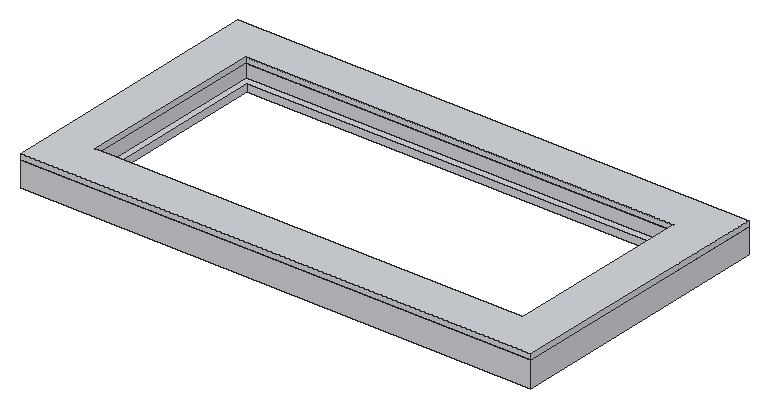
Revit family "Gira_100225", category Electrical Fixtures, host Face, Revit 2017
Family settings
  Host = Face
  Maintain Annotation Orientation = No
  Round Connector Dimension = Use Diameter
  Part Type = Normal
  Cut with Voids When Loaded = No
  Shared = No
  Room Calculation Point = No
Parameters (values of type "Abdeckrahmen 2f o.M. Gira E2 F Alu")
  Werkstoffgüte = "Thermoplast"
  Werkstoff = "Kunststoff"
  URL = "http://katalog.gira.de/de_DE/datenblatt.html?artikelnr=100225"
  Transparent = "No"
  Textfeld/Beschriftungsfläche = "No"
  Schutzart (IP) = "IP20"
  Region = "DE"
  Oberfläche = "sonstige"
  Name = "Abdeckrahmen 2f o.M. Gira E2 F Alu"
  Montagerichtung = "horizontal und vertikal"
  Mit Montagerahmen = "No"
  Mit Klappdeckel = "No"
  Manufacturer URL = "https://www.gira.de/"
  Keynote = "E2_Rahmen_2fach o.Mittelsteg"
  HeinzeBIM = "https://bimportal.heinze.de/bim/abdeckrahmen-2f-o-m-gira-e2-f-alu/16829f691d5f5e11699192806e364db00141cfda"
  Halogenfrei = "Yes"
  HAN = "100225"
  Geeignet für Unterputz-Installation = "Yes"
  Geeignet für Unterflurkanaldose = "No"
  Geeignet für Geräteeinbaukanal = "No"
  Geeignet für Einbauinstallation = "No"
  GTIN = "4010337002253"
  Farbe = "aluminium"
  Default Elevation = 1219.2 mm
  Data sheet (1) = "https://katalog.gira.de/de_DE/download.html?artikelnr=100225"
  Category = "Abdeckrahmen"
  Befestigungsart = "Klemmbefestigung"
  Available = "Yes"
  Anzahl der Einheiten vertikal = "2 "
  Anzahl der Einheiten horizontal = "2 "
  Anzahl der Einheiten = "2 "
Reference planes
  plane 1 "Center (Front/Back)": y = 0
  plane 2: z = 0
  plane 3 "Center (Left/Right)": x = 0
Forms (mm)
  Extrusion 1, solid, detail levels fine
    sketch origin (0, 0, 0) x (1, 0, 0) y (0, 1, 0)
      loop
        line (-75.95, 40.4) -> (-75.95, -40.4) -> (75.95, -40.4) -> (75.95, 40.4) -> (-75.95, 40.4)
      loop
        line (-63.602, -28.052) -> (63.602, -28.052) -> (63.602, 28.052) -> (-63.602, 28.052) -> (-63.602, -28.052)
    from 7.7 to 9.3
  Extrusion 2, solid, detail levels fine
    sketch origin (0, 0, 0) x (1, 0, 0) y (0, 1, 0)
      loop
        line (-75.95, 40.4) -> (-75.95, -40.4) -> (75.95, -40.4) -> (75.95, 40.4) -> (-75.95, 40.4)
      loop
        line (-74.148, -38.598) -> (74.148, -38.598) -> (74.148, 38.598) -> (-74.148, 38.598) -> (-74.148, -38.598)
    from 0 to 7.7
  Extrusion 3, solid, detail levels fine
    sketch origin (0, 0, 0) x (1, 0, 0) y (0, 1, 0)
      loop
        line (-61.45, -25.7) -> (61.451, -25.7) -> (61.451, 25.701) -> (-61.45, 25.701) -> (-61.45, -25.7)
      loop
        line (-63.602, 28.052) -> (-63.602, -28.052) -> (63.602, -28.052) -> (63.602, 28.052) -> (-63.602, 28.052)
    from 1.8 to 3.8
  Extrusion 4, solid, detail levels fine
    sketch origin (0, 0, 0) x (1, 0, 0) y (0, 1, 0)
      loop
        line (-63.602, -28.052) -> (63.602, -28.052) -> (63.602, 28.052) -> (-63.602, 28.052) -> (-63.602, -28.052)
      loop
        spline (65.089, 27.539) -> (65.072, 27.8) -> (65.021, 28.057) -> (64.937, 28.305) -> (64.821, 28.539) -> (64.676, 28.757) -> (64.504, 28.954) -> (64.307, 29.126) -> (64.089, 29.271) -> (63.855, 29.387) -> (63.607, 29.471) -> (63.35, 29.522) -> (63.089, 29.539)
        line (63.089, 29.539) -> (-63.089, 29.539)
        spline (-63.089, 29.539) -> (-63.35, 29.522) -> (-63.607, 29.471) -> (-63.855, 29.387) -> (-64.089, 29.271) -> (-64.307, 29.126) -> (-64.504, 28.954) -> (-64.676, 28.757) -> (-64.821, 28.539) -> (-64.937, 28.305) -> (-65.021, 28.057) -> (-65.072, 27.8) -> (-65.089, 27.539)
        line (-65.089, 27.539) -> (-65.089, -27.539)
        spline (-65.089, -27.539) -> (-65.072, -27.8) -> (-65.021, -28.057) -> (-64.937, -28.305) -> (-64.821, -28.539) -> (-64.676, -28.757) -> (-64.504, -28.954) -> (-64.307, -29.126) -> (-64.089, -29.271) -> (-63.855, -29.387) -> (-63.607, -29.471) -> (-63.35, -29.522) -> (-63.089, -29.539)
        line (-63.089, -29.539) -> (63.089, -29.539)
        spline (63.089, -29.539) -> (63.35, -29.522) -> (63.607, -29.471) -> (63.855, -29.387) -> (64.089, -29.271) -> (64.307, -29.126) -> (64.504, -28.954) -> (64.676, -28.757) -> (64.821, -28.539) -> (64.937, -28.305) -> (65.021, -28.057) -> (65.072, -27.8) -> (65.089, -27.539)
        line (65.089, -27.539) -> (65.089, 27.539)
    from 1.8 to 7.7
  Extrusion 5, solid, detail levels coarse+medium
    sketch origin (0, 0, 0) x (1, 0, 0) y (0, 1, 0)
      loop
        line (-75.95, 40.4) -> (-75.95, -40.4) -> (75.95, -40.4) -> (75.95, 40.4) -> (-75.95, 40.4)
    from 0 to 9.3
Dimensions and locks
  aligned and locked: plane 2 to host face
  aligned and locked: level to host face
